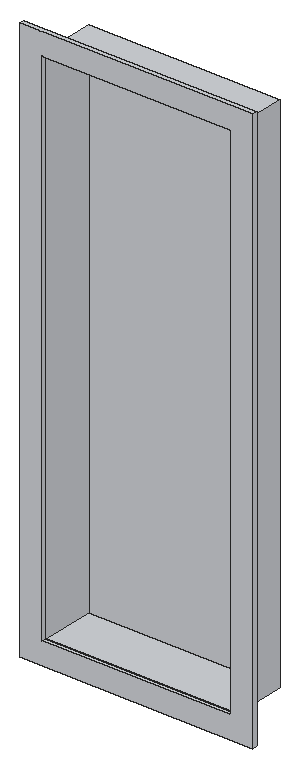
Revit family "Hager-VOLTA-Flush_mounted-Other-Without_Cover-Without_DIN-NoHosted-DE-de", category Electrical Equipment, Revit 2023
Family settings
  Panel Configuration = Two Columns, Circuits Across
  Round Connector Dimension = Use Diameter
  Part Type = Panelboard
  Work Plane-Based = Yes
  Always vertical = Yes
  Cut with Voids When Loaded = No
  Maintain Annotation Orientation = No
  Shared = No
  Room Calculation Point = No
Parameters (values of type "VOLTA-Flush_mounted_W348_H880_D98_12_Modular_Spacing-VU60NK")
  Width Control [instance] = if([HG000006-Flush mounted], if([EF000846 - Einbaubreite] > min_whd, [EF000846 - Einbaubreite], min_whd), if([EF000008 - Breite] > min_whd, ([EF000008 - Breite]), min_whd))  # 314 mm
  Void Depth [instance] = if([EF000218 - Einbautiefe] > 1 mm, [EF000218 - Einbautiefe], 1 mm)  # 90 mm
  Uniformat code = "D501001"
  Uniformat = "Low Tension Service & Dist."
  Référence = ""
  HGEF0002950-Breite in Teilungseinheiten = 12
  HGEF000266-Anzahl der Reihen = 5
  HG000131 - Funktionell label [instance] = ""
  HG000130 - Functional name [instance] = ""
  HG000099-Onfly Template ID-de-DE = "507532"
  HG000059 - Betriebsspannung [instance] = 230 V
  HG000017-Distanz zwischen den Polen = 18 mm
  HG000016-3D-Türsichtbarkeit = yes
  HG000015-Sichtbarkeit der Türöffnung = yes
  HG000014-Tür rechts = yes
  HG000013-Tür links = no
  HG000012-Türschwenkwinkel = 90.00°
  HG000011-Leere Reihen von unten = no
  HG000010-Asymmetrische Türen = no
  HG000009-Doppelflügeligen Tür = no
  HG000008-Anzahl der leeren Reihen = 0
  HG000007-Anzahl der leeren Spalten = 0
  HG000005-Dicke = 2 mm
  HG000004-Herstellerreferenz = "VU60NK"
  HG000003-Bereich = "VOLTA"
  HG000002-Mit tür = no
  HG000001-Anzahl der Spalten = 0
  ETIM class name = "Small distribution board"
  ETIM class code = "EC000214"
  EF015941 - Signaldurchlassende Tür = no
  EF015777 - Neutralleiterklemmenblock = no
  EF015776 - Erdungsklemmenblock = no
  EF009212 - Ausführung Deckel = ""
  EF006306 - Mit Schloss = no
  EF006244 - Transparenter Deckel/Tür = no
  EF005474 - Schutzart (IP) = "sonstige"
  EF004464 - Art der Tür = ""
  EF004462 - Art der Schließung = "sonstige"
  EF002950 - Breite in Teilungseinheiten = 12
  EF001596 - Werkstoff des Gehäuses = ""
  EF001134 - DIN-Schiene = no
  EF001131 - Innentiefe = 0 mm
  EF001088 - Anbaumöglichkeit = yes
  EF001062 - EMV-Ausführung = no
  EF000846 - Einbaubreite = 314 mm
  EF000339 - Art der Abdeckung = ""
  EF000332 - Einbauhöhe = 865 mm
  EF000266 - Anzahl der Reihen = 5
  EF000218 - Einbautiefe = 90 mm
  EF000118 - Mit Montageplatte = no
  EF000116 - RAL-Nummer = 9010
  EF000049 - Tiefe = 98 mm
  EF000040 - Höhe = 880 mm
  EF000024 - UV-beständig = no
  EF000008 - Breite = 348 mm
  EF000007 - Farbe = "weiß"
  EF000003 - Montageart = "Unterputz"
  Type Comments = ""
  System Height [instance] = Height Control - 2 * [HG000005-Dicke]  # 861 mm
  Reference description = ""
  Reference = "VOLTA-Flush_mounted_W348_H880_D98_12_Modular_Spacing-VU60NK"
  Panel Name [instance] = ""  # (empty or 0)
  Offset [instance] = 0 mm
  Object type = ""
  Name hager = "ADD_Enclosures_EC000214"
  Name BIM&CO = "Electricity"
  Name = "VOLTA-Flush_mounted-Other-Without_Cover-Without_DIN-DE"
  Model = ""
  Level Offset [instance] = [Flush Mounted - Door Frame Width] + Offset  # 15 mm
  HG000060-RAL-number = "9010"
  HG000006-Flush mounted = yes
  GTIN (Global Trade Item Number) = ""
  Description = ""
  Default Elevation = 1200 mm
  Creation Date = "12/15/2025 21:44:18"
  Code hager = "ADD-EC000214_EU"
  Code Uniformat = ""
  BIM&CO code = ""
  BC_VARIANT_ID = "1174210"
  BC_OBJECT_VERSION = "#3"  # constant formula
  BC_OBJECT_ID = "513477"  # constant formula
  BC_MODEL_ID = "1547170"  # constant formula
  BC_METADATA = "{\"ObjectGuid\":\"bc35c96e-cb38-443e-833d-0616858cb9ac\",\"ModelGuid\":\"8af03f69-2293-4735-a617-cc53adf55621\",\"VariantGuid\":\"8b6e323b-1b53-409a-a940-11b5a7fc5337\",\"Revision\":\"#4\",\"VariantName\":\"Template-Enclosure_EU-EC000214\"}"
  Arrow Offset [instance] = Depth Control / 8  # 11.25 mm
  Arrow Height [instance] = Depth Control - Arrow Offset  # 78.75 mm
  Host Offset [instance] = if([HG000006-Flush mounted], 0 mm, [EF000049 - Tiefe])  # 0 mm
  min_whd [instance] = (2 * [HG000005-Dicke]) + 1 mm  # 5 mm
  Manufacturer = "Hager"  # constant formula
  Height Control [instance] = if([HG000006-Flush mounted], if([EF000332 - Einbauhöhe] > min_whd, [EF000332 - Einbauhöhe], min_whd), if([EF000040 - Höhe] > min_whd, ([EF000040 - Höhe]), min_whd))  # 865 mm
  Flush Mounted - Door Frame Width [instance] = if(([EF000040 - Höhe] - [EF000332 - Einbauhöhe]) > 0 mm, if([HG000006-Flush mounted], [EF000040 - Höhe] - [EF000332 - Einbauhöhe], 0 mm), 0 mm)  # 15 mm
  Depth Control [instance] = if([HG000006-Flush mounted], if([EF000218 - Einbautiefe] > 0 mm, [EF000218 - Einbautiefe], 1 mm), if([EF000049 - Tiefe] > 0 mm, ([EF000049 - Tiefe]), 1 mm))  # 90 mm
Types (5, lengths in mm): name | HGEF000266-Anzahl der Reihen | HG000004-Herstellerreferenz | EF009212 - Ausführung Deckel | EF004462 - Art der Schließung | EF001062 - EMV-Ausführung | EF000332 - Einbauhöhe | EF000266 - Anzahl der Reihen | EF000116 - RAL-Nummer | EF000049 - Tiefe | EF000040 - Höhe | EF000008 - Breite | EF000007 - Farbe | System Height | Reference | Level Offset | HG000060-RAL-number | BC_VARIANT_ID | Height Control | Flush Mounted - Door Frame Width
  VOLTA-Flush_mounted_W330_H355_D94_12_Modular_Spacing-VU12NK | 1 | "VU12NK" | "geschlossen" | "" | yes | 346 | 1 | 7035 | 94 | 355 | 330 | "grau" | 342 | "VOLTA-Flush_mounted_W330_H355_D94_12_Modular_Spacing-VU12NK" | 9 | "7035" | "1174205" | 346 | 9
  VOLTA-Flush_mounted_W348_H505_D98_12_Modular_Spacing-VU24NK | 2 | "VU24NK" | "" | "sonstige" | no | 471 | 2 | 9010 | 98 | 505 | 348 | "weiß" | 467 | "VOLTA-Flush_mounted_W348_H505_D98_12_Modular_Spacing-VU24NK" | 34 | "9010" | "1174206" | 471 | 34
  VOLTA-Flush_mounted_W348_H630_D98_12_Modular_Spacing-VU36NK | 3 | "VU36NK" | "" | "sonstige" | no | 596 | 3 | 9010 | 98 | 630 | 348 | "weiß" | 592 | "VOLTA-Flush_mounted_W348_H630_D98_12_Modular_Spacing-VU36NK" | 34 | "9010" | "1174208" | 596 | 34
  VOLTA-Flush_mounted_W348_H755_D98_12_Modular_Spacing-VU48NK | 4 | "VU48NK" | "" | "sonstige" | no | 721 | 4 | 9010 | 98 | 755 | 348 | "weiß" | 717 | "VOLTA-Flush_mounted_W348_H755_D98_12_Modular_Spacing-VU48NK" | 34 | "9010" | "1174209" | 721 | 34
  VOLTA-Flush_mounted_W348_H880_D98_12_Modular_Spacing-VU60NK | 5 | "VU60NK" | "" | "sonstige" | no | 865 | 5 | 9010 | 98 | 880 | 348 | "weiß" | 861 | "VOLTA-Flush_mounted_W348_H880_D98_12_Modular_Spacing-VU60NK" | 15 | "9010" | "1174210" | 865 | 15
Reference planes
  plane 1 "Center (Front/Back)": y = 0
  plane 2: z = 0
  plane 3 "Center (Left/Right)": x = 0
  plane 4: y = 17
  plane 5: y = 90
  plane 6: y = 15
  plane 7: z = 0
  plane 8: x = -157
  plane 9: x = 157
  plane 10: x = 155
  plane 11: x = -155
  plane 12: z = 15
  plane 13: z = 17
  plane 14: y = 5
  plane 15: y = 0
  plane 16: y = 88
  plane 17: z = 878
  plane 18: z = 880
  plane 19: z = 447.5
  plane 20: x = 0
  plane 21: y = -100
  plane 22 "Annotation H": y = -300
  plane 23 "Annotation V": x = 357
Forms (mm)
  Extrusion 1, solid
    sketch origin (-208.679, -4572, 15) x (-1, 0, 0) y (0, -1, 0)
      loop
        line (-51.679, -4572) -> (-365.679, -4572) -> (-365.679, -4662) -> (-51.679, -4662) -> (-51.679, -4572)
    from 0 to 865 <- "Height Control"
  Extrusion 2, void
    sketch origin (-350.771, 0, 1219.2) x (1, 0, 0) y (0, 0, 1)
      loop
        line (195.771, -341.2) -> (195.771, -1202.2) -> (505.771, -1202.2) -> (505.771, -341.2) -> (195.771, -341.2)
    from 0 to -88
  Extrusion 3, solid, detail levels coarse+medium
    sketch origin (-350.771, 0, 1219.2) x (-1, 0, 0) y (0, 0, 1)
      loop
        line (-195.771, -341.2) -> (-505.771, -341.2) -> (-505.771, -1202.2) -> (-195.771, -1202.2) -> (-195.771, -341.2)
    from 0 to 2 <- "HG000005-Dicke"
Cuts and joins
  Extrusion 2 cuts Extrusion 1
Dimensions and locks
  "Flush Mounted - Door Frame Width": plane 1 "Center (Front/Back)" to plane 6
  "HG000005-Dicke": plane 4 to plane 6
  "HG000005-Dicke": plane 8 to plane 11
  "HG000005-Dicke": plane 9 to plane 10
  equal spacing: plane 8, plane 3 "Center (Left/Right)", plane 9
  "Width Control": plane 8 to plane 9
  locked: plane 14 to plane 15 at 5
  "Host Offset": plane 1 "Center (Front/Back)" to plane 15
  "Depth Control": plane 5 to plane 15
  "HG000005-Dicke": plane 5 to plane 16
  "HG000005-Dicke": plane 13 to plane 12
  "Level Offset": plane 12 to level
  "HG000005-Dicke": plane 18 to plane 17
  "Height Control": plane 18 to plane 12
  "Arrow Offset": plane 5 to nested 4
  equal spacing: plane 18, plane 19, plane 12
  locked: connector elem to plane 19
  locked: connector elem to plane 3 "Center (Left/Right)"
  Extrusion 2 sketch curve to Extrusion 2 sketch curve to plane 9 = 310 mm, 2 mm
  locked: plane 9 to plane 23 "Annotation V" at 200
  locked: plane 22 "Annotation H" to plane 1 "Center (Front/Back)" at 300
  aligned and locked: nested 1 to plane 14
  aligned and locked: plane 3 "Center (Left/Right)" to nested 1
  aligned and locked: plane 3 "Center (Left/Right)" to nested 2
  aligned and locked: nested 2 to plane 15
  aligned and locked: plane 5 to Extrusion 1
  aligned and locked: Extrusion 3 sketch curve to plane 17
  aligned and locked: Extrusion 3 sketch curve to plane 11
  aligned and locked: plane 13 to Extrusion 3 sketch curve
  aligned and locked: Extrusion 3 sketch curve to plane 10
  aligned and locked: plane 13 to Extrusion 2 sketch curve
  aligned and locked: Extrusion 2 sketch curve to plane 17
  aligned and locked: plane 16 to Extrusion 2
  aligned and locked: plane 5 to Extrusion 1 sketch curve
  aligned and locked: plane 9 to Extrusion 1 sketch curve
  aligned and locked: plane 8 to Extrusion 1 sketch curve
  aligned and locked: plane 8 to nested 4
  aligned and locked: plane 8 to nested 3
  aligned and locked: nested 3 to plane 5
  aligned and locked: Extrusion 1 sketch curve to plane 15
  aligned and locked: Extrusion 2 to plane 15
  aligned and locked: nested 5 to plane 22 "Annotation H"
  aligned and locked: plane 23 "Annotation V" to nested 5
  aligned and locked: plane 11 to Extrusion 2
  aligned and locked: plane 10 to Extrusion 2
Nested families
  nested 1: "Hager_Enclosure_System" at (0, 5, 17), Flush_Mounted <- "HG000006-Flush mounted", Height <- "System Height", Width_Control <- "Width Control", Built-in_Width <- "EF000846 - Einbaubreite", Width <- "EF000008 - Breite", Depth <- "HG000005-Dicke", Border <- "HG000005-Dicke", Distance_Between_Poles <- "HG000017-Distanz zwischen den Polen", Empty_Columns <- "HG000007-Anzahl der leeren Spalten", Total_No_Empty_Rows <- "HG000008-Anzahl der leeren Reihen", Empty_Rows_From_Bottom <- "HG000011-Leere Reihen von unten", Columns_Count <- "HG000001-Anzahl der Spalten", Rows_Count <- "HGEF000266-Anzahl der Reihen", Row_Module_Multiplicator <- "HGEF0002950-Breite in Teilungseinheiten", type "Hager_Enclosure_System", detail levels medium+fine
    with Width_Control 314 mm, Width 348 mm, Total_No_Rows 5, Total_No_Empty_Rows 0, Total_No_Columns 1, System_Width 310 mm, Rows_Count 5, Rows_Column 5, Row_Module_Multiplicator 12, Panel_4 no, Panel_3 no, Panel_2 no, Panel_1 no, No_Panels_Ctrl 1, Hide_Columns yes, Height 861 mm, Flush_Mounted yes, Empty_Rows_From_Bottom no, Empty_Rows_Column 0, Empty_Columns 0, Empty column 4 0, Empty column 3 0, Empty column 2 0, Empty column 1 0, Distance_Between_Poles 18 mm, Depth 2 mm, Columns_Count 0, Column_Width 310 mm, Built-in_Width 314 mm, Border 2 mm
  nested 2: "Hager_Enclosure_Door" at (0, 0, 15), Height_Ctrl <- "Height Control", Flush_Mounted <- "HG000006-Flush mounted", Width_Ctrl <- "Width Control", BuiltIn_Depth <- "EF000218 - Einbautiefe", Depth <- "EF000049 - Tiefe", BuiltIn_Width <- "EF000846 - Einbaubreite", Height <- "EF000040 - Höhe", BuiltIn_Height <- "EF000332 - Einbauhöhe", Width <- "EF000008 - Breite", Transparent <- "EF006244 - Transparenter Deckel/Tür", Border <- "HG000005-Dicke", Door <- "HG000002-Mit tür", Double <- "HG000009-Doppelflügeligen Tür", Assymetrical <- "HG000010-Asymmetrische Türen", Angle <- "HG000012-Türschwenkwinkel", Door_Left <- "HG000013-Tür links", Door_Right <- "HG000014-Tür rechts", Clearance <- "HG000015-Sichtbarkeit der Türöffnung", 3d_Door <- "HG000016-3D-Türsichtbarkeit", type "Hager_Enclosure_Door", detail levels medium+fine
    with min_wh 5 mm, Width_Ctrl 314 mm, Width 348 mm, Transparent_Door_No_Bottom_Border no, Transparent no, Leaf_Width 307 mm, Leaf_Tolerance 1.5 mm, Leaf_Height 858 mm, Leaf_2_Width 307 mm, Leaf_2_Offset 153.5 mm, Leaf_1_Width 307 mm, Leaf_1_Offset 153.5 mm, Height_Ctrl 865 mm, Height 880 mm, Frame_Width_Ctrl 34 mm, Frame_Width 34 mm, Frame_Internal_Offset 2 mm, Frame_Height_Ctrl 15 mm, Frame_Height 15 mm, Frame_Depth_Ctrl 8 mm, Frame_Depth 8 mm, Flush_Mounted yes, Double_Clearance_Ctrl no, Double no, Door_Right_Ctrl no, Door_Right yes, Door_Left_Ctrl no, Door_Left no, Door no, Depth 98 mm, Clearance_Depth 307 mm, Clearance_Ctrl yes, Clearance yes, BuiltIn_Width 314 mm, BuiltIn_Height 865 mm, BuiltIn_Depth 90 mm, Border 2 mm, Assymetrical no, Angle 90.00°, 3d_Door yes
  nested 3: "Hager_Enclosure_Symbol_Triangle" at (-157, 90, 0), Depth <- "Depth Control", Width <- "Width Control", type "Hager_Enclosure_Symbol_Triangle"
    with Width_Ctrl 314 mm, Width 314 mm, Depth_Ctrl 90 mm, Depth 90 mm
  nested 4: "Hager_Enclosure_Symbol_Arrow" at (-157, 78.75, 0), Height <- "Arrow Height", type "Hager_Enclosure_Symbol_Arrow"
    with Width_Inside 5.906 mm, Width 70.875 mm, Height_Ctrl 78.75 mm, Height 78.75 mm
  nested 5: "Hager_Annotation-HG000130" at (357, -300, 0), HG000130 - Functional name <- "HG000130 - Functional name", type "Hager_Annotation-HG000130"
    with HG000130 - Functional name ""
Connectors
  electrical at (0, 90, 447.5), driven by "HG000059 - Betriebsspannung"
    settings: on plane 5, index 1, voltage 230 V, apparent load 0 VA, apparent load phase1 0 VA, apparent load phase2 0 VA, apparent load phase3 0 VA, power factor 1, load classification "Other", number of poles 1, system type 30, power factor state 1, is connector primary yes, connector utility no, sub classification motor no, connector description ""
Definition of nested family "Hager_Enclosure_Door"
  Parameters (values of type "Hager_Enclosure_Door")
    min_wh [instance] = (2 * Border) + 1 mm  # 11 mm
    Width_Ctrl [instance] = 400 mm
    Width [instance] = 500 mm
    Transparent_Door_No_Bottom_Border [instance] = no
    Transparent [instance] = yes
    Leaf_Width [instance] = if((Width_Ctrl - 2 * Border - 2 * Leaf_Tolerance) > 0 mm, (Width_Ctrl - 2 * Border - 2 * Leaf_Tolerance), min_wh)  # 387 mm
    Leaf_Tolerance [instance] = 1.5 mm  # constant formula
    Leaf_Height [instance] = if((Height_Ctrl - 2 * Border - 2 * Leaf_Tolerance) > 0 mm, (Height_Ctrl - 2 * Border - 2 * Leaf_Tolerance), min_wh)  # 387 mm
    Leaf_2_Width [instance] = if(and(and(Double, Assymetrical), Door_Left), (Leaf_Width / 3) - (Leaf_Tolerance / 2), if(and(and(Double, Assymetrical), Door_Right), (Leaf_Width / 3) * 2 - (Leaf_Tolerance / 2), if(and(Double, not(Assymetrical)), (Leaf_Width / 2) - Leaf_Tolerance, Leaf_Width)))  # 387 mm
    Leaf_2_Offset [instance] = if(and(Double, Assymetrical), Leaf_2_Width / 2, if(and(Double, not(Assymetrical)), Leaf_Width / 4, Leaf_Width / 2))  # 193.5 mm
    Leaf_1_Width [instance] = if(and(and(Double, Assymetrical), Door_Right), (Leaf_Width / 3) - (Leaf_Tolerance / 2), if(and(and(Double, Assymetrical), Door_Left), (Width / 3) * 2 - (Leaf_Tolerance / 2), if(and(Double, not(Assymetrical)), (Leaf_Width / 2) - Leaf_Tolerance, Leaf_Width)))  # 387 mm
    Leaf_1_Offset [instance] = if(and(Double, Assymetrical), Leaf_1_Width / 2, if(and(Double, not(Assymetrical)), Leaf_Width / 4, Leaf_Width / 2))  # 193.5 mm
    Height_Ctrl [instance] = 400 mm
    Height [instance] = 500 mm
    Frame_Width_Ctrl [instance] = if(Frame_Width > 0 mm, Frame_Width, 1 mm)  # 1 mm
    Frame_Width [instance] = Width - BuiltIn_Width  # 0 mm
    Frame_Internal_Offset [instance] = if(Flush_Mounted, Border, 0 mm)  # 5 mm
    Frame_Height_Ctrl [instance] = if(Frame_Height > 0 mm, Frame_Height, 1 mm)  # 1 mm
    Frame_Height [instance] = Height - BuiltIn_Height  # 0 mm
    Frame_Depth_Ctrl [instance] = if(Frame_Depth > 0 mm, Frame_Depth, 1 mm)  # 1 mm
    Frame_Depth [instance] = if(Depth - BuiltIn_Depth > 0 mm, if(Flush_Mounted, Depth - BuiltIn_Depth, 0 mm), 0 mm)  # 0 mm
    Flush_Mounted [instance] = yes
    Double_Clearance_Ctrl [instance] = and(Double, Clearance)  # no
    Double [instance] = no
    Door_Right_Ctrl [instance] = and(or(Door_Right, Double), Door)  # yes
    Door_Right [instance] = yes
    Door_Left_Ctrl [instance] = and(or(Door_Left, Double), Door)  # no
    Door_Left [instance] = no
    Door [instance] = yes
    Depth [instance] = 500 mm
    Default Elevation = 1219.2 mm
    Clearance_Material = none
    Clearance_Depth [instance] = if(Leaf_1_Width > Leaf_2_Width, Leaf_1_Width, Leaf_2_Width)  # 387 mm
    Clearance_Ctrl [instance] = and(not(Double), Clearance)  # yes
    Clearance [instance] = yes
    BuiltIn_Width [instance] = 500 mm
    BuiltIn_Height [instance] = 500 mm
    BuiltIn_Depth [instance] = 500 mm
    Border [instance] = 5 mm
    Assymetrical [instance] = yes
    Angle [instance] = 30.00°
    3d_Door [instance] = yes
  Reference planes
    plane 1 "Center (Front/Back)": y = 0
    plane 2 "Bottom": z = 0
    plane 3 "Center (Left/Right)": x = 0
    plane 4: z = 400
    plane 5: x = -200
    plane 6: x = 200
    plane 7: z = 395
    plane 8: x = -195
    plane 9: z = 5
    plane 10: x = 195
    plane 11: y = 0
    plane 12: z = 6.5
    plane 13: x = -582
    plane 14: y = -387
    plane 15: x = 582
    plane 16: x = 0
    plane 17: x = 0
    plane 18: x = -193.5
    plane 19: x = 193.5
    plane 20: z = 393.5
  Forms (mm)
    Extrusion 1, solid, visible <- "Flush_Mounted"
      sketch origin (0, 0, 0) x (1, 0, 0) y (0, 0, 1)
        loop
          line (195, 5) -> (195, 395) -> (-195, 395) -> (-195, 5) -> (195, 5)
        loop
          line (-201, 401) -> (-201, -1) -> (201, -1) -> (201, 401) -> (-201, 401)
      from 0 to 1 <- "Frame_Depth_Ctrl"
    Extrusion 2, solid, material <- "Clearance_Material", visible <- "Double_Clearance_Ctrl"
      sketch origin (1200, 0, 0) x (1, 0, 0) y (0, 0, -1)
        loop
          line (-1782, -393.5) -> (-618, -393.5) -> (-618, 0) -> (-1782, 0) -> (-1782, -393.5)
      from 0 to -387
  Dimensions and locks
    equal spacing: plane 5, plane 3 "Center (Left/Right)", plane 6
    "Width_Ctrl": plane 5 to plane 6
    "Border": plane 5 to plane 8
    "Border": plane 6 to plane 10
    "Border": plane 9 to level
    "Border": plane 4 to plane 7
    "Height_Ctrl": plane 4 to level
    "Leaf_Tolerance": plane 12 to plane 9
    "Frame_Depth": plane 11 to plane 1 "Center (Front/Back)"
    "Frame_Width_Ctrl": plane 5 to Extrusion 1 sketch curve
    "Frame_Width_Ctrl": plane 6 to Extrusion 1 sketch curve
    "Frame_Width_Ctrl": Extrusion 1 sketch curve to plane 4
    "Frame_Width_Ctrl": plane 2 "Bottom" to Extrusion 1 sketch curve
    "Leaf_1_Offset": plane 18 to plane 16
    "Leaf_2_Offset": plane 17 to plane 19
    "Leaf_1_Width": plane 13 to plane 8
    "Leaf_2_Width": plane 10 to plane 15
    "Clearance_Depth": plane 14 to plane 1 "Center (Front/Back)"
    "Leaf_Tolerance": plane 8 to plane 18
    "Leaf_Tolerance": plane 19 to plane 10
    "Leaf_Tolerance": plane 7 to plane 20
    "Frame_Internal_Offset": plane 5 to Extrusion 1 sketch curve
    "Frame_Internal_Offset": Extrusion 1 sketch curve to plane 2 "Bottom"
    "Frame_Internal_Offset": plane 6 to Extrusion 1 sketch curve
    "Frame_Internal_Offset": plane 4 to Extrusion 1 sketch curve
    aligned and locked: level to plane 2 "Bottom"
    aligned and locked: nested 1 to plane 16
    aligned and locked: nested 2 to plane 17
    aligned and locked: Extrusion 2 to plane 13
    aligned and locked: plane 15 to Extrusion 2
    aligned and locked: Extrusion 2 to plane 14
    aligned and locked: plane 12 to nested 1
    aligned and locked: nested 2 to plane 12
    aligned and locked: Extrusion 2 to plane 11
    aligned and locked: plane 20 to Extrusion 2
    aligned and locked: nested 2 to plane 11
    aligned and locked: nested 1 to plane 11
  Automatic sketch dimensions
    Extrusion 2 sketch curve to level = 0 mm
    plane 5 to Extrusion 2 sketch curve = 382 mm
    plane 6 to Extrusion 2 sketch curve = 382 mm
    Extrusion 2 sketch curve to plane 4 = 6.5 mm
  Nested families
    nested 1: "Hager_Enclosure_Door_Leaf" at (0, 0, 6.5), Width <- "Leaf_1_Width", visible <- "Door_Left_Ctrl", Leaf_Height <- "Leaf_Height", Angle <- "Angle", Depth <- "Border", 3d_Door <- "3d_Door", Transparent <- "Transparent", Clearance Material <- "Clearance_Material", Clearance <- "Clearance_Ctrl", Transparent_Door_No_Bottom_Border <- "Transparent_Door_No_Bottom_Border", type "Hager_Enclosure_Door_Leaf"
      with Width 387 mm, Transparent_Door_No_Bottom_Border no, Transparent_Door_Border_Bottom_Top 25 mm, Transparent_Door_Border 25 mm, Transparent_Ctrl yes, Transparent yes, Standard no, Leaf_Height 387 mm, Glass_Offset 1 mm, Depth 5 mm, Clearance Material none, Clearance yes, Angle_Ctrl 30.00°, Angle 30.00°, 3d_Door yes
    nested 2: "Hager_Enclosure_Door_Leaf" at (0, 0, 6.5) x (-1, 0, 0) z (0, 0, 1), Width <- "Leaf_2_Width", visible <- "Door_Right_Ctrl", Leaf_Height <- "Leaf_Height", Angle <- "Angle", Depth <- "Border", 3d_Door <- "3d_Door", Transparent <- "Transparent", Clearance Material <- "Clearance_Material", Clearance <- "Clearance_Ctrl", Transparent_Door_No_Bottom_Border <- "Transparent_Door_No_Bottom_Border", type "Hager_Enclosure_Door_Leaf"
      with Width 387 mm, Transparent_Door_No_Bottom_Border no, Transparent_Door_Border_Bottom_Top 25 mm, Transparent_Door_Border 25 mm, Transparent_Ctrl yes, Transparent yes, Standard no, Leaf_Height 387 mm, Glass_Offset 1 mm, Depth 5 mm, Clearance Material none, Clearance yes, Angle_Ctrl 30.00°, Angle 30.00°, 3d_Door yes
  Definition of nested family "Hager_Enclosure_Door_Leaf"
    Parameters (values of type "Hager_Enclosure_Door_Leaf")
      Width [instance] = 2000 mm
      Transparent_Door_No_Bottom_Border [instance] = yes
      Transparent_Door_Border_Bottom_Top [instance] = if(Transparent_Door_No_Bottom_Border, 0.1 mm, Transparent_Door_Border)  # 0.1 mm
      Transparent_Door_Border [instance] = if(Transparent_Door_No_Bottom_Border, (Width * 0.12), 25 mm)  # 240 mm
      Transparent_Ctrl [instance] = and(Transparent, [3d_Door])  # yes
      Transparent [instance] = yes
      Standard [instance] = and(not(Transparent), [3d_Door])  # no
      Leaf_Height [instance] = 2720.336 mm
      Glass_Offset [instance] = if((Depth - 10 mm) / 2 > 0 mm, (Depth - 10 mm) / 2, 1 mm)  # 15 mm
      Glass_Material = none
      Depth [instance] = 40 mm
      Default Elevation = 0 mm
      Clearance Material [instance] = none
      Clearance [instance] = yes
      Angle_Ctrl [instance] = if(Angle > 170.00°, 170.00°, Angle)  # 45.00°
      Angle [instance] = 45.00°
      3d_Door [instance] = yes
    Reference planes
      plane 1 "Center (Front/Back)": y = 0
      plane 2: z = 0
      plane 3 "Center (Left/Right)": x = 0
      plane 4: y = 2000
      plane 5: x = -1000
      plane 6: x = 1000
      plane 7: x = -3000
      plane 8: z = 2720.336
      plane 9: z = 0.1
      plane 10: z = 2720.236
      plane 11: x = 760
      plane 12: x = -760
    Forms (mm)
      Extrusion 1, solid, material <- "Clearance Material", visible <- "Clearance"
        sketch origin (0, 0, 0) x (1, 0, 0) y (0, 0, 1)
          loop
            line (-3000, 2720.336) -> (-3000, 0) -> (1000, 0) -> (1000, 2720.336) -> (-3000, 2720.336)
        from 0 to -2000
      Extrusion 2, solid, visible <- "Standard", detail levels medium+fine
        sketch origin (-1000, 0, 0) x (0.707107, 0.707107, 0) y (-0.707107, 0.707107, 0)
          loop
            line (0, -40) -> (2000, -40) -> (2000, 0) -> (0, 0) -> (0, -40)
        from 0 to 2720.336 <- "Leaf_Height"
      Extrusion 3, solid, visible <- "Transparent_Ctrl", detail levels medium+fine
        sketch origin (-1000, 0, 0) x (0.707107, 0.707107, 0) y (-0.707107, 0.707107, 0)
          loop
            line (0, -40) -> (2000, -40) -> (2000, 0) -> (0, 0) -> (0, -40)
        from 0 to 2720.336 <- "Leaf_Height"
      Extrusion 4, void, detail levels medium+fine
        sketch origin (-1000, 0, 0) x (-0.707107, 0.707107, 0) y (0.707107, 0.707107, 0)
          loop
            line (0, 240) -> (0, 1760) -> (-40, 1760) -> (-40, 240) -> (0, 240)
        from -2720.236 to -0.1
      Extrusion 5, solid, material <- "Glass_Material", visible <- "Transparent_Ctrl", detail levels medium+fine
        sketch origin (-1000, 0, 0) x (0.707107, 0.707107, 0) y (-0.707107, 0.707107, 0)
          loop
            line (240, -15) -> (240, -25) -> (1760, -25) -> (1760, -15) -> (240, -15)
        from 0.1 to 2720.236
    Cuts and joins
      Extrusion 4 cuts Extrusion 3
    Lines and regions (mm)
      symbolic lines
        curve 1: line (1000, 0, 0) -> (-3000, 0, 0)
        curve 2: arc (1000, 0, 0) -> (-1000, 2000, 0) -> (-3000, 0, 0) r 2000
        curve 4: line (-1000, 0, 0) -> (414.214, 1414.214, 0)
      reference lines
        curve 3: line (-1000, 0, 0) -> (414.214, 1414.214, 0)
      symbolic lines, detail levels medium+fine
        curve 5: line (414.214, 1414.214, 0) -> (442.498, 1385.929, 0)
        curve 6: line (442.498, 1385.929, 0) -> (-971.716, -28.284, 0)
        curve 7: line (-971.716, -28.284, 0) -> (-1000, 0, 0)
        curve 8: line (-1000, 0, 2720.336) -> (1000, 0, 2720.336)
        curve 9: line (-1000, 0, 0) -> (-1000, 0, 2720.336)
        curve 10: line (1000, 0, 0) -> (-1000, 0, 0)
        curve 11: line (1000, 0, 2720.336) -> (1000, 0, 0)
      symbolic lines, visible <- "Transparent_Ctrl", detail levels medium+fine
        curve 12: line (-760, 0, 2720.236) -> (760, 0, 2720.236)
        curve 13: line (-760, 0, 0.1) -> (-760, 0, 2720.236)
        curve 14: line (760, 0, 0.1) -> (-760, 0, 0.1)
        curve 15: line (760, 0, 2720.236) -> (760, 0, 0.1)
    Dimensions and locks
      "Width": plane 1 "Center (Front/Back)" to plane 4
      equal spacing: plane 5, plane 3 "Center (Left/Right)", plane 6
      "Width": plane 5 to plane 6
      "Width": plane 7 to plane 5
      "Leaf_Height": plane 8 to level
      "Depth": curve 6 to curve 3
      "Width": curve 5 to curve 3
      "Width": curve 3 to curve 3
      "Transparent_Door_Border": Extrusion 4 sketch curve to curve 7
      "Transparent_Door_Border": Extrusion 4 sketch curve to curve 5
      "Transparent_Door_Border_Bottom_Top": plane 8 to plane 10
      "Transparent_Door_Border_Bottom_Top": plane 9 to level
      "Glass_Offset": Extrusion 5 sketch curve to curve 4
      "Glass_Offset": Extrusion 5 sketch curve to curve 6
      "Transparent_Door_Border": Extrusion 5 sketch curve to curve 5
      "Transparent_Door_Border": Extrusion 5 sketch curve to curve 7
      "Transparent_Door_Border": plane 12 to plane 5
      "Transparent_Door_Border": plane 6 to plane 11
      "Angle_Ctrl": angle plane 1 "Center (Front/Back)" to curve 3
      aligned and locked: level to plane 2
      aligned and locked: Extrusion 1 to curve 1
      aligned and locked: plane 6 to Extrusion 1
      aligned and locked: Extrusion 1 to plane 1 "Center (Front/Back)"
      aligned and locked: plane 4 to Extrusion 1
      aligned and locked: plane 8 to Extrusion 1
      aligned and locked: curve 4 to curve 3
      aligned and locked: Extrusion 2 sketch curve to curve 7
      aligned and locked: Extrusion 2 sketch curve to curve 6
      aligned and locked: Extrusion 2 sketch curve to curve 5
      aligned and locked: Extrusion 2 sketch curve to curve 3
      aligned and locked: curve 7 to Extrusion 3 sketch curve
      aligned and locked: Extrusion 3 sketch curve to curve 4
      aligned and locked: Extrusion 3 sketch curve to curve 6
      aligned and locked: Extrusion 3 sketch curve to curve 5
      aligned and locked: curve 4 to Extrusion 4 sketch curve
      aligned and locked: curve 6 to Extrusion 4 sketch curve
      aligned and locked: Extrusion 4 to plane 9
      aligned and locked: Extrusion 4 to plane 10
      aligned and locked: Extrusion 5 to plane 9
      aligned and locked: Extrusion 5 to plane 10
      aligned and locked: curve 8 to plane 8
      aligned and locked: plane 5 to curve 9
      aligned and locked: plane 2 to curve 10
      aligned and locked: curve 11 to plane 6
      aligned and locked: plane 10 to curve 12
      aligned and locked: plane 12 to curve 13
      aligned and locked: curve 14 to plane 9
      aligned and locked: plane 11 to curve 15
    Automatic sketch dimensions
      plane 1 "Center (Front/Back)" to curve 2 = 0 mm
      curve 2 to plane 5 = 0 mm
      Extrusion 1 sketch curve to level = 0 mm
      Extrusion 1 sketch curve to plane 7 = 0 mm
      Extrusion 1 sketch curve to plane 6 = 0 mm
      Extrusion 1 sketch curve to plane 8 = 0 mm
      plane 1 "Center (Front/Back)" to curve 3 = 0 mm
      curve 3 to plane 5 = 0 mm
      curve 7 to curve 3 = 0 mm
Definition of nested family "Hager_Enclosure_Symbol_Triangle"
  Parameters (values of type "Hager_Enclosure_Symbol_Triangle")
    Width_Ctrl [instance] = if(Width > 1 mm, Width, 1 mm)  # 498 mm
    Width [instance] = 498 mm
    Depth_Ctrl [instance] = if(Depth > 1 mm, Depth, 1 mm)  # 72 mm
    Depth [instance] = 72 mm
  Reference planes
    plane 1 "Centre (avant/arrière)": y = 0
    plane 2: z = 0
    plane 3 "Centre (gauche/droite)": x = 0
  Lines and regions (mm)
    Filled region 1, type "Solid_Black", in view "Niveau de réf."
      outline origin (0, 0, 0) x (1, 0, 0) y (0, 1, 0)
        loop
          line (0, 0) -> (498, 0) -> (498, 72) -> (0, 0)
    reference lines, in view "Niveau de réf."
      curve 1: line (-206.153, 72, 0) -> (1083.258, 72, 0)
      curve 2: line (498, 405.456, 0) -> (498, -517.619, 0)
  Dimensions and locks
    "Depth_Ctrl": plane 1 "Centre (avant/arrière)" to curve 1
    "Width_Ctrl": plane 3 "Centre (gauche/droite)" to curve 2
    aligned and locked: curve 1 to Filled region 1 sketch curve
    aligned and locked: Filled region 1 sketch curve to plane 1 "Centre (avant/arrière)"
    aligned and locked: curve 2 to Filled region 1 sketch curve
    aligned and locked: plane 3 "Centre (gauche/droite)" to Filled region 1 sketch curve
    aligned and locked: plane 1 "Centre (avant/arrière)" to Filled region 1 sketch curve
  Automatic sketch dimensions
    curve 1 to plane 3 "Centre (gauche/droite)" = 206.153 mm
    curve 2 to curve 1 = 585.258 mm
    plane 1 "Centre (avant/arrière)" to curve 2 = 517.619 mm
    curve 2 to plane 1 "Centre (avant/arrière)" = 405.456 mm
Definition of nested family "Hager_Enclosure_Symbol_Arrow"
  Parameters (values of type "Hager_Enclosure_Symbol_Arrow")
    Width_Inside [instance] = if(Width / 12 > 2 mm, Width / 12, 2 mm)  # 4.987 mm
    Width [instance] = if(Height_Ctrl * 0.9 > 2 mm, Height_Ctrl * 0.9, 2 mm)  # 59.85 mm
    Height_Ctrl [instance] = if(Height > 2 mm, Height, 2 mm)  # 66.5 mm
    Height [instance] = 66.5 mm
  Reference planes
    plane 1 "Centre (avant/arrière)": y = 0
    plane 2: z = 0
    plane 3 "Centre (gauche/droite)": x = 0
    plane 4: x = 59.85
    plane 5: y = 28.263
    plane 6: y = 38.238
    plane 7: y = 66.5
    plane 8: x = 29.925
    plane 9: y = 33.25
  Lines and regions (mm)
    Filled region 1, type "Solid_Black", in view "Niveau de réf."
      outline origin (0, 0, 0) x (1, 0, 0) y (0, 1, 0)
        loop
          line (59.85, 66.5) -> (37.929, 52.827) -> (51.846, 41.935) -> (59.85, 66.5)
    detail lines, in view "Niveau de réf."
      curve 1: line (0, 0, 0) -> (29.925, 38.238, 0)
      curve 2: line (29.925, 38.238, 0) -> (29.925, 28.263, 0)
      curve 3: line (29.925, 28.263, 0) -> (59.85, 66.5, 0)
  Dimensions and locks
    "Width": plane 3 "Centre (gauche/droite)" to plane 4
    "Height_Ctrl": plane 7 to plane 1 "Centre (avant/arrière)"
    equal spacing: plane 3 "Centre (gauche/droite)", plane 8, plane 4
    equal spacing: plane 7, plane 9, plane 1 "Centre (avant/arrière)"
    equal spacing: plane 6, plane 9, plane 5
    "Width_Inside": plane 6 to plane 9
    equal spacing: curve 3, Filled region 1 sketch curve, Filled region 1 sketch curve
    angle Filled region 1 sketch curve to curve 3 = 20.00°
    angle curve 3 to Filled region 1 sketch curve = 20.00°
    locked: curve 3 to Filled region 1 sketch curve (angle 90.00°)
  Automatic sketch dimensions
    plane 1 "Centre (avant/arrière)" to curve 1 = 0 mm
    curve 1 to plane 3 "Centre (gauche/droite)" = 0 mm
    curve 2 to plane 6 = 0 mm
    curve 3 to plane 8 = 0 mm
    curve 3 to plane 4 = 0 mm
    curve 2 to plane 5 = 0 mm
    curve 3 to plane 7 = 0 mm
    Filled region 1 sketch curve to plane 4 = 0 mm
    Filled region 1 sketch curve to plane 7 = 0 mm
Definition of nested family "Hager_Annotation-HG000130"
  Parameters (values of type "Hager_Annotation-HG000130")
    HG000130 - Functional name [instance] = ""
  Reference planes
    plane 1: y = 0
    plane 2: x = 0
  Lines and regions (mm)
    detail lines
      curve 1: line (-27.5, 10, 0) -> (27.5, 10, 0)
      curve 2: line (-27.5, -10, 0) -> (-27.5, 10, 0)
      curve 3: line (27.5, -10, 0) -> (-27.5, -10, 0)
      curve 4: line (27.5, 10, 0) -> (27.5, -10, 0)
  Text (mm)
    label "HG000130 - Functional name" at (0.16, 0.026, 0), shows "HG000130 - Functional name"
